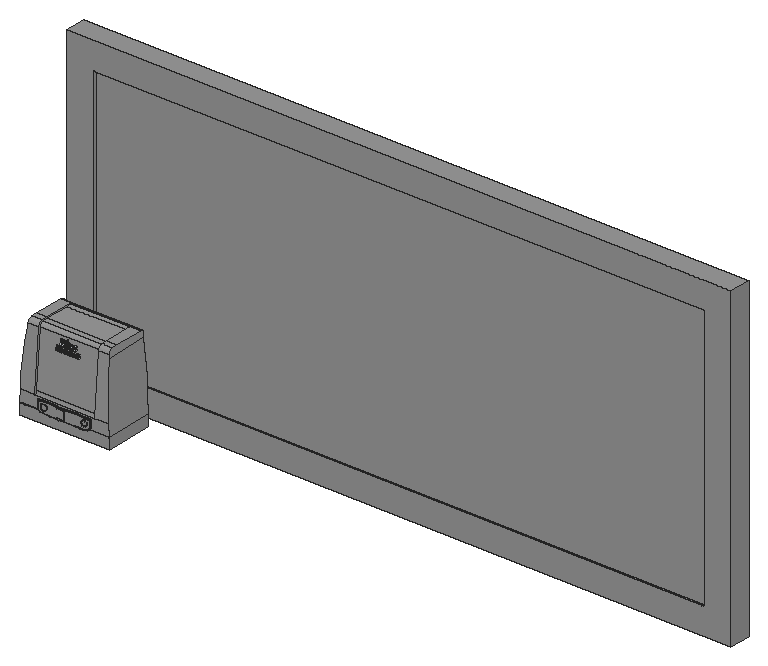
Revit family "Sliding_Gate_Automation_Residential_Ditec_Neos_plus_1000", category Electrical Fixtures, Revit 2014
Parameters
  Youtube clip = ""
  Weight Net (Kg) = 0
  Uniclass 2015 Name = ""
  Uniclass 2015 Code = ""
  Uniclass 2.0 Description = ""
  Uniclass 2.0 Code = ""
  Uniclass 1.4 Description = ""
  Uniclass 1.4 Code = ""
  UNSPSC Code = ""
  Torque/Thrust = "1000 N"
  Technical description = ""
  Stroke control = "limit switch + virtual encoder"
  Release for manual opening = "key-operated"
  Region South America = "All"
  Region Oceania = "All"
  Region North America = "All"
  Region Middle East = "All"
  Region Europe = "All"
  Region Asia = "All"
  Region Antarctica = "All"
  Region Africa = "All"
  QR code = "http://bimobject.com/ditec/product/dit-neos"
  Protection rating = "IP 24D"
  Product group = "Sliding Gates"
  Product family = "Gate Automation & Barriers"
  Product dimensions (mm) = "335x220x325"
  Product data url = "http://bimobject.com/ditec/product/dit-neos"
  Product certification = ""
  Product SKU = "dit-neos"
  Product Guid = "4d1a2df7-523c-4302-893f-15eee6c94ea3"
  Power supply = "230 V AC, 50/60 Hz"
  Power input = "2A"
  Operating temperature = "-20°C / +55°C (-35°C / +55°C with NIO enabled)"
  Opening speed = "0.1 - 0.19 m/s"
  OmniClass Description = ""
  OmniClass Code = ""
  Nominal width = 335
  Nominal height = 325
  NBS Reference Description = ""
  NBS Reference Code = ""
  Maximum opening = "20m"
  Maximum capacity = "1000 kg"
  Material secondary = "Plastic"
  Material main = "Steel"
  Manufacturer name = "Ditec"
  Manufacturer country = "China"
  Intermittent operation = "S2 = 30 min, S3 = 50%"
  Installation instructions = "http://ftp.ditec.it/manuali/Manuali_Quarto/NEOS_IP2160EN.pdf"
  IFC Classification = ""
  Gate Visibility = yes
  Gate Length = 2500 mm
  Gate Height = 1200 mm
  Electromechanical actuator = "for sliding gates up to\r\n1000 kg"
  Edition number = 1
  EAN code = ""
  Duty class = "4 - intensive"
  Design country = "Italy"
  Description = "NeoS+ 1000  (also available: 300/400/600)"
  Date of publishing = ""
  Control panel = "CS12M (built-in)"
  Closing speed = "0.1 - 0.19 m/s"
  COBIe Type Category = ""
  BIMobject category = ""
Reference planes
  plane 1 "Center (Front/Back)": y = 0
  plane 2: z = 0
  plane 3 "Center (Left/Right)": x = 0
  plane 4: x = 335
  plane 5: x = 55
  plane 6: x = 280
  plane 7: x = 167.5
  plane 8: x = 2500
  plane 9: y = 39.5
  plane 10: z = 1200
  plane 11: y = 49.5
  plane 12: y = 109.5
  plane 13: z = 1100
  plane 14: z = 100
Forms (mm)
  Sweep 1, solid, material "Neos+_plastic_light_grey"
    path origin (0, 0, 0) x (1, 0, 0) y (0, 1, 0)
      loop
        line (0, 0) -> (335, 0)
    profile "Neos_lower_base_profile : Neos_lower_base_profile" origin (167.5, 0, 0) x (0, 1, 0) y (0, 0, 1)
      loop
        line (0, 0) -> (0, 41.022) -> (-2, 41.022) -> (-2, 43.022) -> (-178, 43.022) -> (-178, 41.022) -> (-180, 41.022) -> (-180, 0) -> (0, 0)
  Sweep 2, solid, material "Neos+_plastic_dark_grey"
    path origin (0, 0, 0) x (1, 0, 0) y (0, 1, 0)
      loop
        line (0, 0) -> (335, 0)
    profile "Neos_body_profile : Neos_body_profile" origin (167.5, 0, 0) x (0, 1, 0) y (0, 0, 1)
      loop
        line (-180, 43.022) -> (0, 43.022)
        arc (0, 43.022) -> (-1.891, 180.664) -> (-4.936, 318.285) r 16411.02
        arc (-4.936, 318.285) -> (-5.694, 320.19) -> (-7.505, 321.152) r 2.973
        arc (-7.505, 321.152) -> (-65.967, 326.088) -> (-124.626, 325.005) r 571.537
        line (-124.626, 325.005) -> (-144.577, 323.609)
        arc (-144.577, 323.609) -> (-155.557, 317.949) -> (-161.239, 306.98) r 20.35
        arc (-161.239, 306.98) -> (-175.301, 197.034) -> (-180, 86.292) r 1307.39
        line (-180, 86.292) -> (-180, 43.022)
  Sweep 3, void
    path origin (0, 0, 0) x (1, 0, 0) y (0, 1, 0)
      loop
        line (55, 0) -> (280, 0)
    profile "Neos_body_profile_01 : Neos_body_profile_01" origin (167.5, 0, 0) x (0, 1, 0) y (0, 0, 1)
      loop
        arc (-175.914, 101.28) -> (-170.659, 204.16) -> (-157.297, 306.305) r 1303.39
        arc (-157.297, 306.305) -> (-152.796, 315.052) -> (-144.092, 319.634) r 16.35
        line (-144.092, 319.634) -> (-124.347, 321.014)
        arc (-124.347, 321.014) -> (-77.71, 322.353) -> (-31.121, 319.857) r 567.537
        arc (-31.121, 319.857) -> (-22.869, 320.035) -> (-14.88, 322.109) r 35.587
        line (-14.88, 322.109) -> (-14.88, 355.243) -> (-219.999, 355.243) -> (-219.999, 85.243) -> (-179.999, 85.243)
        arc (-179.999, 85.243) -> (-176.998, 93.017) -> (-175.914, 101.28) r 35.102
  Sweep 4, void
    path origin (0, 0, 0) x (1, 0, 0) y (0, 1, 0)
      loop
        line (0, -180) -> (0, 0)
    profile origin (0, -90, 0) x (-1, 0, 0) y (0, 0, 1)
      loop
        line (0, 43.022) -> (-2, 43.022) -> (-2, 41.022) -> (41.934, 41.022) -> (41.934, 356.409) -> (-142.456, 356.409) -> (-142.456, 330.231) -> (-17.16, 330.231) -> (-13.443, 295.434)
        arc (-13.443, 295.434) -> (-3.363, 169.407) -> (0, 43.022) r 2376.471
      loop
        line (-192.544, 330.231) -> (-192.544, 356.409) -> (-376.934, 356.409) -> (-376.934, 41.022) -> (-333, 41.022) -> (-333, 43.022) -> (-335, 43.022)
        arc (-335, 43.022) -> (-331.637, 169.407) -> (-321.557, 295.434) r 2376.471
        line (-321.557, 295.434) -> (-317.84, 330.231) -> (-192.544, 330.231)
  Sweep 5, void
    path origin (0, 0, 0) x (1, 0, 0) y (0, 0, 1)
      loop
        line (25, 252.929) -> (0, 252.929)
    profile origin (12.5, 0, 252.929) x (0, 0, -1) y (0, -1, 0)
      loop
        circle (0, 30.243) r 15.743
  Sweep 6, solid, material "Neos+_plastic_light_grey", detail levels fine
    path origin (0, 0, 0) x (0, 1, 0) y (0, 0, 1)
      loop
        line (-182.542, 36.394) -> (-177.542, 36.394)
    profile origin (0, -180.042, 36.394) x (0, 0, 1) y (1, 0, 0)
      loop
        line (0.227, 140.07) -> (1.349, 112.411) -> (2.592, 96.002) -> (4.54, 79.654)
        arc (4.54, 79.654) -> (7.584, 73.803) -> (13.628, 71.165) r 9.894
        line (13.628, 71.165) -> (32.642, 69.798)
        arc (32.642, 69.798) -> (37.915, 71.709) -> (40.015, 76.909) r 6.884
        line (40.015, 76.909) -> (39.095, 108.434) -> (38.554, 140.094)
        arc (38.554, 140.094) -> (38.258, 140.795) -> (37.554, 141.084) r 1
        line (37.554, 141.084) -> (35.305, 141.084)
        arc (35.305, 141.084) -> (34.598, 141.378) -> (34.305, 142.086) r 1.001
        line (34.305, 142.086) -> (34.305, 165.67)
        arc (34.305, 165.67) -> (34.009, 166.387) -> (33.292, 166.684) r 1.014
        line (33.292, 166.684) -> (5.305, 166.684)
        arc (5.305, 166.684) -> (4.598, 166.391) -> (4.305, 165.684) r 1
        line (4.305, 165.684) -> (4.305, 142.09)
        arc (4.305, 142.09) -> (4.013, 141.381) -> (3.305, 141.088) r 1.001
        line (3.305, 141.088) -> (1.209, 141.088)
        arc (1.209, 141.088) -> (0.507, 140.783) -> (0.227, 140.07) r 1
      loop
        line (0.991, 143.108) -> (1.991, 143.108)
        arc (1.991, 143.108) -> (2.627, 143.266) -> (2.99, 143.813) r 0.907
        line (2.99, 143.813) -> (2.946, 145.378) -> (2.861, 157.717) -> (2.925, 167.836)
        arc (2.925, 167.836) -> (3.222, 168.535) -> (3.925, 168.824) r 0.999
        line (3.925, 168.824) -> (34.18, 168.824)
        arc (34.18, 168.824) -> (34.863, 168.542) -> (35.148, 167.861) r 0.968
        line (35.148, 167.861) -> (35.205, 157.726) -> (35.31, 146.966) -> (35.303, 143.761)
        arc (35.303, 143.761) -> (35.68, 143.242) -> (36.307, 143.103) r 0.904
        line (36.307, 143.103) -> (37.307, 143.103)
        arc (37.307, 143.103) -> (37.939, 143.253) -> (38.297, 143.796) r 0.883
        line (38.297, 143.796) -> (38.307, 146.577) -> (38.145, 168.408) -> (38.252, 190.784) -> (38.554, 213.16) -> (39.052, 235.555) -> (39.745, 257.913)
        arc (39.745, 257.913) -> (37.696, 262.984) -> (32.554, 264.848) r 6.713
        line (32.554, 264.848) -> (13.54, 263.48)
        arc (13.54, 263.48) -> (7.601, 260.888) -> (4.61, 255.139) r 9.723
        line (4.61, 255.139) -> (2.666, 238.834) -> (1.42, 222.396) -> (0.332, 195.926) -> (-0.066, 169.359) -> (-0.096, 168.405) -> (-0.096, 146.975) -> (-0.064, 145.741) -> (-0.01, 143.789)
        arc (-0.01, 143.789) -> (0.353, 143.247) -> (0.991, 143.108) r 0.873
      loop
        circle (21.858, 91.681) r 13
      loop
        circle (21.858, 91.681) r 11
      loop
        circle (31.384, 239.887) r 2.259
      loop
        circle (31.384, 246.968) r 2.259
      loop
        circle (26.697, 252.659) r 2.259
      loop
        circle (19.499, 253.909) r 2.259
      loop
        circle (13.518, 250.159) r 2.259
      loop
        circle (13.518, 236.725) r 2.259
      loop
        circle (19.511, 232.975) r 2.259
      loop
        circle (26.742, 234.225) r 2.259
      loop
        circle (11.117, 243.287) r 2.259
  Sweep 7, void
    path origin (0, 0, 0) x (1, 0, 0) y (0, 0, 1)
      loop
        line (108.434, 75.489) -> (76.909, 76.41)
        arc (76.909, 76.41) -> (71.709, 74.309) -> (69.798, 69.036) r 6.884
        line (69.798, 69.036) -> (71.165, 50.022)
        arc (71.165, 50.022) -> (73.803, 43.978) -> (79.654, 40.935) r 9.894
        line (79.654, 40.935) -> (96.002, 38.987) -> (112.411, 37.743) -> (140.07, 36.621) -> (145.741, 36.331) -> (146.975, 36.299) -> (168.405, 36.328) -> (169.359, 36.328) -> (195.926, 36.726) -> (222.396, 37.814) -> (238.834, 39.06) -> (255.139, 41.004)
        arc (255.139, 41.004) -> (260.888, 43.995) -> (263.48, 49.934) r 9.723
        line (263.48, 49.934) -> (264.848, 68.949)
        arc (264.848, 68.949) -> (262.984, 74.091) -> (257.913, 76.139) r 6.713
        line (257.913, 76.139) -> (235.555, 75.446) -> (213.16, 74.948) -> (190.784, 74.646) -> (168.408, 74.539) -> (146.577, 74.702) -> (140.095, 74.957) -> (108.434, 75.489)
    profile origin (124.265, 0, 75.223) x (0.016815, 0, 0.999859) y (0, -1, 0)
      loop
        line (2.136, 181.73) -> (2.136, 178.73) -> (5.136, 178.73) -> (5.136, 181.73) -> (2.136, 181.73)
  Sweep 8, solid, material "Neos+_plastic_light_grey", detail levels medium+fine
    path origin (0, 0, 0) x (1, 0, 0) y (0, 1, 0)
      loop
        line (55, 0) -> (280, 0)
    profile origin (167.5, 0, 0) x (0, 1, 0) y (0, 0, 1)
      loop
        line (0, 18.283) -> (39.5, 18.283) -> (39.5, 76.294) -> (0, 76.294) -> (0, 18.283)
  Sweep 9, solid, material "Gate_material_01", visible <- "Gate Visibility"
    path origin (0, 10, 0) x (1, 0, 0) y (0, 0, 1)
      loop
        line (0, 1200) -> (0, 0) -> (2500, 0) -> (2500, 1200) -> (0, 1200)
    profile origin (1250, 10, 1200) x (0, 0, 1) y (0, -1, 0)
      loop
        line (0, -29.5) -> (-100, -29.5) -> (-100, -109.5) -> (0, -109.5) -> (0, -29.5)
  Sweep 10, solid, material "Gate_material_02", visible <- "Gate Visibility"
    path origin (0, 10, 0) x (1, 0, 0) y (0, 0, 1)
      loop
        line (100, 1200) -> (2400, 1200)
    profile origin (1250, 10, 1200) x (0, 0, 1) y (0, -1, 0)
      loop
        line (-100, -99.5) -> (-100, -39.5) -> (-1100, -39.5) -> (-1100, -99.5) -> (-100, -99.5)
  Sweep 11, solid, material "Neos+_plastic_light_grey", detail levels coarse
    path origin (0, 0, 0) x (1, 0, 0) y (0, 1, 0)
      loop
        line (0, 0) -> (335, 0)
    profile origin (167.5, 0, 0) x (0, 1, 0) y (0, 0, 1)
      loop
        line (0, 0) -> (0, 328.022) -> (-180, 328.022) -> (-180, 0) -> (0, 0)
Cuts and joins
  Sweep 3, Sweep 4, Sweep 5, Sweep 7 cuts Sweep 2
  Sweep 7 cuts Sweep 1
Lines and regions (mm)
  Masking region 1
    outline origin (0, 0, 0) x (1, 0, 0) y (0, 1, 0)
      loop
        line (0, 0) -> (0, -180) -> (335, -180) -> (335, 0) -> (280, 0) -> (280, 29.5) -> (55, 29.5) -> (55, 0) -> (0, 0)
  Masking region 2, detail levels medium+fine
    outline origin (0, 0, 0) x (0, 1, 0) y (0, 0, 1)
      loop
        line (0, 0) -> (0, 18.283) -> (39.5, 18.283) -> (39.5, 76.294) -> (-0.351, 76.294)
        arc (-0.351, 76.294) -> (-2.197, 197.298) -> (-4.936, 318.285) r 16411.02
        arc (-4.936, 318.285) -> (-5.694, 320.19) -> (-7.505, 321.152) r 2.973
        arc (-7.505, 321.152) -> (-65.967, 326.088) -> (-124.626, 325.005) r 571.537
        line (-124.626, 325.005) -> (-144.577, 323.609)
        arc (-144.577, 323.609) -> (-155.734, 317.769) -> (-161.318, 306.482) r 20.35
        spline (-161.318, 306.482) -> (-164.638, 288.523) -> (-167.639, 270.507) -> (-170.322, 252.439) -> (-172.685, 234.325) -> (-174.727, 216.171) -> (-176.447, 197.982) -> (-177.846, 179.765) -> (-178.923, 161.525) -> (-179.676, 143.269) -> (-180.107, 125.001) -> (-180.215, 106.728) -> (-180, 88.456)
        line (-180, 88.456) -> (-180, 0) -> (0, 0)
  Masking region 3, detail levels coarse
    outline origin (0, 0, 0) x (0, 1, 0) y (0, 0, 1)
      loop
        line (-180, 0) -> (0, 0) -> (0, 328.022) -> (-180, 328.022) -> (-180, 0)
  Masking region 4, detail levels coarse
    outline origin (0, 0, 0) x (1, 0, 0) y (0, 0, 1)
      loop
        line (335, 328.022) -> (0, 328.022) -> (0, 0) -> (335, 0) -> (335, 328.022)
  symbolic lines, detail levels fine
    curve 1: arc (0, -45.986, 252.929) -> (0, -30.243, 268.673) -> (0, -14.5, 252.929) r 15.743
    curve 2: arc (0, -14.5, 252.929) -> (0, -30.243, 237.186) -> (0, -45.986, 252.929) r 15.743
    curve 3: line (0, 0, 41.022) -> (0, -180, 41.022)
    curve 12: line (55, -167.957, 0) -> (55, -29.88, 0)
    curve 13: line (70, -14.88, 0) -> (265, -14.88, 0)
    curve 14: line (280, -29.88, 0) -> (280, -167.957, 0)
    curve 15: line (280, -167.957, 0) -> (55, -167.957, 0)
    curve 16: arc (55, -29.88, 0) -> (59.393, -19.273, 0) -> (70, -14.88, 0) r 15
    curve 17: arc (265, -14.88, 0) -> (275.607, -19.273, 0) -> (280, -29.88, 0) r 15
  symbolic lines, detail levels medium+fine
    curve 4: line (0, -180, 43.022) -> (0, 0, 43.022)
    curve 6: spline (16.234, -158.89, 0) -> (14.044, -162.249, 0) -> (12.011, -165.319, 0) -> (10.135, -168.1, 0) -> (8.416, -170.591, 0) -> (6.856, -172.791, 0) -> (5.454, -174.699, 0) -> (4.211, -176.316, 0) -> (3.127, -177.639, 0) -> (2.204, -178.67, 0) -> (1.44, -179.408, 0) -> (0.836, -179.852, 0) -> (0.393, -180.002, 0)
    curve 7: spline (0, 0, 0) -> (0.112, -0.237, 0) -> (0.449, -0.506, 0) -> (1.011, -0.807, 0) -> (1.797, -1.141, 0) -> (2.807, -1.507, 0) -> (4.042, -1.906, 0) -> (5.501, -2.336, 0) -> (7.184, -2.799, 0) -> (9.091, -3.294, 0) -> (11.221, -3.822, 0) -> (13.575, -4.381, 0) -> (16.152, -4.972, 0)
    curve 8: spline (16.152, -4.972, 0) -> (16.329, -17.73, 0) -> (16.475, -30.523, 0) -> (16.59, -43.343, 0) -> (16.674, -56.185, 0) -> (16.727, -69.041, 0) -> (16.749, -81.905, 0) -> (16.741, -94.771, 0) -> (16.701, -107.631, 0) -> (16.631, -120.48, 0) -> (16.529, -133.31, 0) -> (16.397, -146.116, 0) -> (16.234, -158.89, 0)
    curve 9: spline (318.766, -158.89, 0) -> (320.956, -162.249, 0) -> (322.989, -165.319, 0) -> (324.865, -168.1, 0) -> (326.584, -170.591, 0) -> (328.144, -172.791, 0) -> (329.546, -174.699, 0) -> (330.789, -176.316, 0) -> (331.873, -177.639, 0) -> (332.796, -178.67, 0) -> (333.56, -179.408, 0) -> (334.164, -179.852, 0) -> (334.607, -180.002, 0)
    curve 10: spline (335, 0, 0) -> (334.888, -0.237, 0) -> (334.551, -0.506, 0) -> (333.989, -0.807, 0) -> (333.203, -1.141, 0) -> (332.193, -1.507, 0) -> (330.958, -1.906, 0) -> (329.499, -2.336, 0) -> (327.816, -2.799, 0) -> (325.909, -3.294, 0) -> (323.779, -3.822, 0) -> (321.425, -4.381, 0) -> (318.848, -4.972, 0)
    curve 11: spline (318.848, -4.972, 0) -> (318.671, -17.73, 0) -> (318.525, -30.523, 0) -> (318.41, -43.343, 0) -> (318.326, -56.185, 0) -> (318.273, -69.041, 0) -> (318.251, -81.905, 0) -> (318.259, -94.771, 0) -> (318.299, -107.631, 0) -> (318.369, -120.48, 0) -> (318.471, -133.31, 0) -> (318.603, -146.116, 0) -> (318.766, -158.89, 0)
    curve 21: line (55, 0, 0) -> (280, 0, 0)
  symbolic lines
    curve 5: line (0, 0, 76.294) -> (0, 0, 18.283)
  symbolic lines, style "ElectricalFixtures", detail levels fine
    curve 18: spline (9.305, -45.979, 0) -> (8.941, -45.495, 0) -> (8.601, -43.951, 0) -> (8.308, -41.456, 0) -> (8.083, -38.181, 0) -> (7.942, -34.355, 0) -> (7.893, -30.243, 0) -> (7.942, -26.131, 0) -> (8.083, -22.305, 0) -> (8.308, -19.031, 0) -> (8.601, -16.535, 0) -> (8.941, -14.991, 0) -> (9.305, -14.508, 0)
    curve 19: spline (9.305, -14.508, 0) -> (9.662, -15.069, 0) -> (9.995, -16.655, 0) -> (10.281, -19.158, 0) -> (10.5, -22.409, 0) -> (10.637, -26.189, 0) -> (10.684, -30.243, 0) -> (10.637, -34.297, 0) -> (10.5, -38.077, 0) -> (10.281, -41.328, 0) -> (9.995, -43.831, 0) -> (9.662, -45.417, 0) -> (9.305, -45.979, 0)
  symbolic lines, style "ElectricalFixtures", detail levels medium+fine
    curve 20: line (16.152, -4.972, 0) -> (318.848, -4.972, 0)
Dimensions and locks
  locked: plane 3 "Center (Left/Right)" to plane 4 at 335
  equal spacing: plane 6, plane 7, plane 5, locked at 112.5 each
  "Gate Length": plane 3 "Center (Left/Right)" to plane 8
  "Gate Height": plane 10 to level
  locked: plane 10 to plane 13 at 100
  locked: plane 14 to plane 2 at 100
  aligned and locked: level to plane 2
  aligned and locked: plane 3 "Center (Left/Right)" to Sweep 2 sketch curve
  aligned and locked: plane 1 "Center (Front/Back)" to Sweep 2 sketch curve
  aligned and locked: plane 4 to Sweep 2 sketch curve
  aligned and locked: plane 3 "Center (Left/Right)" to Sweep 1 sketch curve
  aligned and locked: plane 4 to Sweep 1 sketch curve
  aligned and locked: plane 1 "Center (Front/Back)" to Sweep 1 sketch curve
  aligned and locked: plane 6 to Sweep 3 sketch curve
  aligned and locked: plane 5 to Sweep 3 sketch curve
  aligned and locked: plane 1 "Center (Front/Back)" to Sweep 3 sketch curve
  aligned and locked: plane 1 "Center (Front/Back)" to Sweep 4 sketch curve
  aligned and locked: plane 3 "Center (Left/Right)" to Sweep 4 sketch curve
  aligned and locked: plane 3 "Center (Left/Right)" to Sweep 5 sketch curve
  aligned and locked: nested 1 to plane 7
  aligned and locked: plane 5 to Sweep 8 sketch curve
  aligned and locked: plane 6 to Sweep 8 sketch curve
  aligned and locked: plane 1 "Center (Front/Back)" to Sweep 8 sketch curve
  aligned and locked: plane 3 "Center (Left/Right)" to nested 2
  aligned and locked: nested 2 to level
  aligned and locked: plane 11 to Sweep 10 sketch curve
  aligned and locked: Sweep 10 sketch curve to plane 12
  aligned and locked: plane 14 to Sweep 10 sketch curve
  aligned and locked: Sweep 10 sketch curve to plane 13
Automatic sketch dimensions
  curve 1 to curve 2 = 0 mm  (x2)
  curve 3 to plane 1 "Center (Front/Back)" = 0 mm
  plane 1 "Center (Front/Back)" to curve 2 = 30.243 mm
  plane 14 to curve 2 = 152.929 mm
  plane 1 "Center (Front/Back)" to curve 2 = 14.5 mm
  level to curve 3 = 41.022 mm
  plane 1 "Center (Front/Back)" to curve 3 = 180 mm
  curve 4 to curve 3 = 0 mm
  curve 5 to plane 14 = 23.706 mm
  curve 3 to curve 4 = 2 mm
  level to curve 5 = 18.283 mm
  plane 1 "Center (Front/Back)" to curve 21 = 0 mm
  curve 21 to plane 5 = 0 mm
  curve 12 to plane 5 = 0 mm
  curve 17 to plane 6 = 0 mm
  curve 21 to plane 6 = 0 mm
  plane 1 "Center (Front/Back)" to curve 20 = 4.972 mm
  plane 3 "Center (Left/Right)" to curve 20 = 16.152 mm
  curve 12 to curve 16 = 15 mm
  curve 17 to plane 6 = 15 mm
  plane 4 to curve 20 = 16.152 mm
  plane 1 "Center (Front/Back)" to curve 13 = 14.88 mm
  curve 15 to curve 17 = 138.077 mm
  plane 3 "Center (Left/Right)" to curve 6 = 16.234 mm
  plane 3 "Center (Left/Right)" to curve 18 = 9.305 mm
  plane 3 "Center (Left/Right)" to curve 19 = 9.305 mm
  plane 3 "Center (Left/Right)" to curve 19 = 9.294 mm
  curve 18 to curve 19 = 0.011 mm
  plane 3 "Center (Left/Right)" to curve 6 = 0.393 mm
  curve 6 to curve 6 = 0.17 mm
  plane 3 "Center (Left/Right)" to curve 7 = 0.002 mm
  curve 7 to plane 1 "Center (Front/Back)" = 0 mm
  curve 8 to plane 3 "Center (Left/Right)" = 43.614 mm
  curve 9 to plane 3 "Center (Left/Right)" = 218.786 mm
  plane 1 "Center (Front/Back)" to curve 10 = 336.426 mm
  curve 10 to curve 8 = 1950.346 mm
  plane 4 to curve 9 = 16.234 mm
  plane 4 to curve 9 = 0.393 mm
  curve 9 to curve 9 = 0.17 mm
  curve 10 to plane 1 "Center (Front/Back)" = 0.031 mm
  curve 11 to plane 4 = 43.614 mm
  curve 6 to plane 4 = 218.786 mm
  curve 7 to plane 8 = 171.04 mm
  curve 19 to curve 20 = 9.535 mm
  curve 19 to curve 19 = 0 mm
  curve 19 to curve 18 = 15.736 mm
  curve 18 to curve 18 = 0.002 mm
  curve 8 to curve 18 = 38.777 mm
  plane 1 "Center (Front/Back)" to curve 11 = 84.757 mm
  curve 12 to curve 8 = 9.066 mm
  curve 14 to curve 11 = 9.066 mm
  curve 6 to curve 6 = 21.073 mm
  curve 9 to curve 9 = 21.073 mm
  plane 1 "Center (Front/Back)" to curve 7 = 336.426 mm
  curve 10 to plane 1 "Center (Front/Back)" = 0 mm
  plane 1 "Center (Front/Back)" to Sweep 4 sketch curve = 180 mm
  Sweep 4 sketch curve to profile plane = 0 mm
  profile plane to Sweep 4 sketch curve = 2 mm
  profile plane to Sweep 4 sketch curve = 13.443 mm
  profile plane to Sweep 4 sketch curve = 17.16 mm
  Sweep 4 sketch curve to Sweep 4 sketch curve = 125.297 mm  (x2)
  Sweep 4 sketch curve to Sweep 4 sketch curve = 50.088 mm
  Sweep 4 sketch curve to Sweep 4 sketch curve = 3.717 mm
  level to Sweep 4 sketch curve = 43.022 mm  (x2)
  Sweep 4 sketch curve to Sweep 4 sketch curve = 11.443 mm
  Sweep 4 sketch curve to Sweep 4 sketch curve = 2 mm  (x2)
  Sweep 4 sketch curve to Sweep 4 sketch curve = 41.934 mm
  Sweep 4 sketch curve to Sweep 4 sketch curve = 1999.537 mm  (x2)
  Sweep 4 sketch curve to profile plane = 41.934 mm
  level to Sweep 4 sketch curve = 41.022 mm
  Sweep 4 sketch curve to Sweep 4 sketch curve = 34.797 mm  (x2)
  Sweep 4 sketch curve to Sweep 4 sketch curve = 26.178 mm  (x2)
  plane 14 to Sweep 5 sketch curve = 152.929 mm
  plane 3 "Center (Left/Right)" to Sweep 5 sketch curve = 25 mm
  Sweep 5 sketch curve to profile plane = 0 mm
  plane 1 "Center (Front/Back)" to Sweep 5 sketch curve = 30.243 mm
  level to Sweep 6 sketch curve = 36.394 mm
  plane 1 "Center (Front/Back)" to Sweep 6 sketch curve = 182.542 mm
  Sweep 6 sketch curve to Sweep 6 sketch curve = 5 mm
  Sweep 6 sketch curve to Sweep 6 sketch curve = 0 mm  (x9)
  profile plane to Sweep 6 sketch curve = 0.096 mm
  profile plane to Sweep 6 sketch curve = 0.066 mm
  profile plane to Sweep 6 sketch curve = 0.064 mm
  profile plane to Sweep 6 sketch curve = 0.01 mm
  Sweep 6 sketch curve to profile plane = 0.227 mm
  Sweep 6 sketch curve to profile plane = 0.332 mm
  Sweep 6 sketch curve to profile plane = 0.845 mm
  Sweep 6 sketch curve to Sweep 6 sketch curve = 0.145 mm
  Sweep 6 sketch curve to profile plane = 1.209 mm
  Sweep 6 sketch curve to Sweep 6 sketch curve = 1 mm  (x7)
  Sweep 6 sketch curve to profile plane = 1.349 mm
  Sweep 6 sketch curve to profile plane = 1.42 mm
  Sweep 6 sketch curve to Sweep 6 sketch curve = 0.114 mm
  Sweep 6 sketch curve to profile plane = 2.592 mm
  Sweep 6 sketch curve to profile plane = 2.666 mm
  Sweep 6 sketch curve to profile plane = 2.861 mm
  Sweep 6 sketch curve to profile plane = 2.925 mm
  Sweep 6 sketch curve to Sweep 6 sketch curve = 0.842 mm
  Sweep 6 sketch curve to Sweep 6 sketch curve = 0.886 mm
  Sweep 6 sketch curve to Sweep 6 sketch curve = 2.095 mm
  Sweep 6 sketch curve to Sweep 6 sketch curve = 0.999 mm
  Sweep 6 sketch curve to Sweep 6 sketch curve = 0.381 mm
  Sweep 6 sketch curve to profile plane = 4.54 mm
  Sweep 6 sketch curve to profile plane = 4.61 mm
  Sweep 6 sketch curve to Sweep 6 sketch curve = 8.451 mm
  Sweep 6 sketch curve to Sweep 6 sketch curve = 2.4 mm  (x2)
  Sweep 6 sketch curve to Sweep 6 sketch curve = 8.93 mm
  Sweep 6 sketch curve to Sweep 6 sketch curve = 9.087 mm
  Sweep 6 sketch curve to Sweep 6 sketch curve = 0.72 mm
  Sweep 6 sketch curve to Sweep 6 sketch curve = 9.797 mm
  Sweep 6 sketch curve to Sweep 6 sketch curve = 5.261 mm
  Sweep 6 sketch curve to Sweep 6 sketch curve = 5.993 mm
  Sweep 6 sketch curve to Sweep 6 sketch curve = 7.52 mm
  Sweep 6 sketch curve to Sweep 6 sketch curve = 7.198 mm
  Sweep 6 sketch curve to Sweep 6 sketch curve = 7.231 mm
  Sweep 6 sketch curve to Sweep 6 sketch curve = 4.687 mm
  Sweep 6 sketch curve to Sweep 6 sketch curve = 5.857 mm
  Sweep 6 sketch curve to Sweep 6 sketch curve = 19.014 mm
  Sweep 6 sketch curve to Sweep 6 sketch curve = 0.482 mm
  Sweep 6 sketch curve to Sweep 6 sketch curve = 0.494 mm
  Sweep 6 sketch curve to Sweep 6 sketch curve = 27.987 mm
  Sweep 6 sketch curve to Sweep 6 sketch curve = 0.888 mm
  Sweep 6 sketch curve to Sweep 6 sketch curve = 1.014 mm
  Sweep 6 sketch curve to Sweep 6 sketch curve = 0.968 mm  (x2)
  Sweep 6 sketch curve to Sweep 6 sketch curve = 0.9 mm
  Sweep 6 sketch curve to Sweep 6 sketch curve = 0.997 mm
  Sweep 6 sketch curve to Sweep 6 sketch curve = 0.001 mm  (x2)
  Sweep 6 sketch curve to Sweep 6 sketch curve = 0.007 mm
  Sweep 6 sketch curve to Sweep 6 sketch curve = 0.873 mm
  Sweep 6 sketch curve to Sweep 6 sketch curve = 0.131 mm
  Sweep 6 sketch curve to Sweep 6 sketch curve = 0.126 mm
  Sweep 6 sketch curve to Sweep 6 sketch curve = 2.249 mm
  Sweep 6 sketch curve to Sweep 6 sketch curve = 2.997 mm
  Sweep 6 sketch curve to Sweep 6 sketch curve = 4.072 mm
  Sweep 6 sketch curve to Sweep 6 sketch curve = 0.864 mm
  Sweep 6 sketch curve to Sweep 6 sketch curve = 0.874 mm
  Sweep 6 sketch curve to Sweep 6 sketch curve = 0.302 mm
  Sweep 6 sketch curve to Sweep 6 sketch curve = 7.668 mm
  Sweep 6 sketch curve to Sweep 6 sketch curve = 17.237 mm
  Sweep 6 sketch curve to Sweep 6 sketch curve = 6.709 mm
  Sweep 6 sketch curve to Sweep 6 sketch curve = 6.88 mm
  plane 3 "Center (Left/Right)" to Sweep 6 sketch curve = 69.798 mm
  Sweep 6 sketch curve to Sweep 6 sketch curve = 1.368 mm
  Sweep 6 sketch curve to Sweep 6 sketch curve = 6.866 mm
  Sweep 6 sketch curve to Sweep 6 sketch curve = 8.488 mm
  Sweep 6 sketch curve to Sweep 6 sketch curve = 10.648 mm
  Sweep 6 sketch curve to Sweep 6 sketch curve = 16.349 mm
  Sweep 6 sketch curve to Sweep 6 sketch curve = 16.753 mm
  Sweep 6 sketch curve to Sweep 6 sketch curve = 16.409 mm
  Sweep 6 sketch curve to Sweep 6 sketch curve = 27.659 mm
  Sweep 6 sketch curve to Sweep 6 sketch curve = 31.65 mm
  Sweep 6 sketch curve to Sweep 6 sketch curve = 0.018 mm
  Sweep 6 sketch curve to Sweep 6 sketch curve = 1.001 mm
  Sweep 6 sketch curve to Sweep 6 sketch curve = 2.019 mm
  Sweep 6 sketch curve to Sweep 6 sketch curve = 1.019 mm
  Sweep 6 sketch curve to Sweep 6 sketch curve = 0.658 mm
  Sweep 6 sketch curve to Sweep 6 sketch curve = 0.681 mm
  Sweep 6 sketch curve to Sweep 6 sketch curve = 0.693 mm
  Sweep 6 sketch curve to Sweep 6 sketch curve = 0.705 mm
  Sweep 6 sketch curve to Sweep 6 sketch curve = 1.565 mm
  Sweep 6 sketch curve to Sweep 6 sketch curve = 1.953 mm
  Sweep 6 sketch curve to Sweep 6 sketch curve = 2.6 mm
  Sweep 6 sketch curve to Sweep 6 sketch curve = 0.39 mm
  Sweep 6 sketch curve to Sweep 6 sketch curve = 1.234 mm
  Sweep 6 sketch curve to Sweep 6 sketch curve = 10.742 mm
  Sweep 6 sketch curve to Sweep 6 sketch curve = 10.759 mm
  Sweep 6 sketch curve to Sweep 6 sketch curve = 7.945 mm
  Sweep 6 sketch curve to Sweep 6 sketch curve = 1.141 mm
  Sweep 6 sketch curve to Sweep 6 sketch curve = 0.011 mm
  Sweep 6 sketch curve to Sweep 6 sketch curve = 0.547 mm
  Sweep 6 sketch curve to Sweep 6 sketch curve = 1.523 mm
  Sweep 6 sketch curve to Sweep 6 sketch curve = 21.96 mm
  Sweep 6 sketch curve to Sweep 6 sketch curve = 26.567 mm
  Sweep 6 sketch curve to Sweep 6 sketch curve = 22.376 mm
  Sweep 6 sketch curve to Sweep 6 sketch curve = 26.47 mm
  Sweep 6 sketch curve to Sweep 6 sketch curve = 10.579 mm
  Sweep 6 sketch curve to Sweep 6 sketch curve = 1.25 mm
  Sweep 6 sketch curve to Sweep 6 sketch curve = 1.33 mm
  Sweep 6 sketch curve to Sweep 6 sketch curve = 3.75 mm
  Sweep 6 sketch curve to Sweep 6 sketch curve = 2.109 mm
  Sweep 6 sketch curve to Sweep 6 sketch curve = 5.662 mm
  Sweep 6 sketch curve to Sweep 6 sketch curve = 6.562 mm
  Sweep 6 sketch curve to Sweep 6 sketch curve = 7.081 mm
  Sweep 6 sketch curve to Sweep 6 sketch curve = 6.872 mm
  Sweep 6 sketch curve to Sweep 6 sketch curve = 5.691 mm
  Sweep 6 sketch curve to Sweep 6 sketch curve = 3.623 mm
  Sweep 6 sketch curve to Sweep 6 sketch curve = 0.127 mm
  Sweep 6 sketch curve to Sweep 6 sketch curve = 1.356 mm
  Sweep 6 sketch curve to Sweep 6 sketch curve = 10.945 mm
  Sweep 6 sketch curve to Sweep 6 sketch curve = 0.239 mm
  Sweep 6 sketch curve to Sweep 6 sketch curve = 0.008 mm
  Sweep 6 sketch curve to Sweep 6 sketch curve = 0.954 mm
  plane 5 to Sweep 7 sketch curve = 14.798 mm
  plane 5 to Sweep 7 sketch curve = 16.165 mm
  Sweep 7 sketch curve to Sweep 7 sketch curve = 6.866 mm
  Sweep 7 sketch curve to Sweep 7 sketch curve = 0.245 mm
  Sweep 7 sketch curve to Sweep 7 sketch curve = 8.488 mm
  Sweep 7 sketch curve to Sweep 7 sketch curve = 9.868 mm
  Sweep 7 sketch curve to Sweep 7 sketch curve = 16.349 mm
  Sweep 7 sketch curve to plane 14 = 24.511 mm
  Sweep 7 sketch curve to Sweep 7 sketch curve = 31.525 mm
  Sweep 7 sketch curve to Sweep 7 sketch curve = 16.409 mm
  Sweep 7 sketch curve to plane 7 = 27.43 mm
  Sweep 7 sketch curve to plane 7 = 27.405 mm
  Sweep 7 sketch curve to Sweep 7 sketch curve = 5.671 mm
  Sweep 7 sketch curve to Sweep 7 sketch curve = 6.482 mm
  Sweep 7 sketch curve to Sweep 7 sketch curve = 1.234 mm
  plane 7 to Sweep 7 sketch curve = 0.908 mm
  plane 7 to Sweep 7 sketch curve = 1.859 mm
  Sweep 7 sketch curve to Sweep 7 sketch curve = 22.376 mm  (x2)
  Sweep 7 sketch curve to Sweep 7 sketch curve = 26.567 mm
  Sweep 7 sketch curve to Sweep 7 sketch curve = 26.47 mm
  Sweep 7 sketch curve to Sweep 7 sketch curve = 22.395 mm
  Sweep 7 sketch curve to Sweep 7 sketch curve = 16.438 mm
  Sweep 7 sketch curve to Sweep 7 sketch curve = 14.949 mm
  Sweep 7 sketch curve to Sweep 7 sketch curve = 1.356 mm
  Sweep 7 sketch curve to plane 6 = 22.087 mm
  Sweep 7 sketch curve to Sweep 7 sketch curve = 0.239 mm
  Sweep 7 sketch curve to Sweep 7 sketch curve = 9.698 mm
  Sweep 7 sketch curve to Sweep 7 sketch curve = 6.696 mm
  Sweep 7 sketch curve to plane 14 = 24.554 mm
  Sweep 7 sketch curve to plane 14 = 25.043 mm
  Sweep 7 sketch curve to Sweep 7 sketch curve = 0.498 mm
  Sweep 7 sketch curve to Sweep 7 sketch curve = 0.255 mm
  Sweep 7 sketch curve to Sweep 7 sketch curve = 0.302 mm
  Sweep 7 sketch curve to Sweep 7 sketch curve = 0.162 mm
  Sweep 7 sketch curve to plane 14 = 30.47 mm
  Sweep 7 sketch curve to Sweep 7 sketch curve = 6.016 mm
  Sweep 7 sketch curve to Sweep 7 sketch curve = 0.494 mm
  Sweep 7 sketch curve to Sweep 7 sketch curve = 0.482 mm
  Sweep 7 sketch curve to Sweep 7 sketch curve = 18.798 mm  (x2)
  Sweep 7 sketch curve to Sweep 7 sketch curve = 0.71 mm
  Sweep 7 sketch curve to Sweep 7 sketch curve = 0.698 mm
  Sweep 7 sketch curve to Sweep 7 sketch curve = 1.944 mm
  Sweep 7 sketch curve to Sweep 7 sketch curve = 1.948 mm
  Sweep 7 sketch curve to Sweep 7 sketch curve = 1.246 mm
  Sweep 7 sketch curve to Sweep 7 sketch curve = 1.243 mm
  Sweep 7 sketch curve to Sweep 7 sketch curve = 1.088 mm
  Sweep 7 sketch curve to Sweep 7 sketch curve = 1.122 mm
  Sweep 7 sketch curve to Sweep 7 sketch curve = 0.291 mm
  Sweep 7 sketch curve to Sweep 7 sketch curve = 0.003 mm
  Sweep 7 sketch curve to Sweep 7 sketch curve = 0.032 mm
  plane 7 to Sweep 7 sketch curve = 0.905 mm
  Sweep 7 sketch curve to Sweep 7 sketch curve = 0 mm
  Sweep 7 sketch curve to profile plane = 2.136 mm
  Sweep 7 sketch curve to Sweep 7 sketch curve = 3 mm  (x2)
  plane 1 "Center (Front/Back)" to Sweep 7 sketch curve = 178.73 mm
  Sweep 8 sketch curve to profile plane = 0 mm
  Sweep 8 sketch curve to profile plane = 39.5 mm
  level to Sweep 8 sketch curve = 18.283 mm
  Sweep 8 sketch curve to Sweep 8 sketch curve = 58.011 mm
  Masking region 1 sketch curve to plane 3 "Center (Left/Right)" = 0 mm
  Masking region 1 sketch curve to plane 5 = 0 mm
  plane 1 "Center (Front/Back)" to Masking region 1 sketch curve = 0 mm  (x2)
  Masking region 1 sketch curve to plane 6 = 0 mm
  Masking region 1 sketch curve to plane 4 = 0 mm
  plane 1 "Center (Front/Back)" to Masking region 1 sketch curve = 180 mm
  Masking region 1 sketch curve to plane 9 = 10 mm
  Masking region 2 sketch curve to level = 0 mm
  Masking region 2 sketch curve to plane 1 "Center (Front/Back)" = 0 mm
  Masking region 2 sketch curve to plane 9 = 0 mm
  plane 1 "Center (Front/Back)" to Masking region 2 sketch curve = 0.351 mm
  plane 1 "Center (Front/Back)" to Masking region 2 sketch curve = 7.907 mm
  plane 1 "Center (Front/Back)" to Masking region 2 sketch curve = 84.758 mm
  Masking region 2 sketch curve to Masking region 2 sketch curve = 116.719 mm
  Masking region 2 sketch curve to Masking region 2 sketch curve = 16.556 mm
  Masking region 2 sketch curve to Masking region 2 sketch curve = 19.951 mm
  Masking region 2 sketch curve to plane 14 = 11.544 mm
  plane 1 "Center (Front/Back)" to Masking region 2 sketch curve = 180 mm
  Masking region 2 sketch curve to level = 113.547 mm
  Masking region 2 sketch curve to Masking region 2 sketch curve = 16230.273 mm
  Masking region 2 sketch curve to level = 245.14 mm
  level to Masking region 2 sketch curve = 18.283 mm
  Masking region 2 sketch curve to plane 14 = 23.706 mm
  plane 14 to Masking region 2 sketch curve = 203.545 mm
  Masking region 2 sketch curve to Masking region 2 sketch curve = 14.661 mm
  Masking region 2 sketch curve to Masking region 2 sketch curve = 20.064 mm
  Masking region 2 sketch curve to Masking region 2 sketch curve = 1.395 mm
  Masking region 2 sketch curve to Masking region 2 sketch curve = 0 mm
  Masking region 2 sketch curve to Masking region 2 sketch curve = 20.137 mm
  plane 13 to Masking region 2 sketch curve = 29.178 mm
  plane 12 to Masking region 2 sketch curve = 684.273 mm
  Sweep 9 sketch curve to level = 0 mm
  Sweep 9 sketch curve to plane 3 "Center (Left/Right)" = 0 mm
  Sweep 9 sketch curve to plane 8 = 0 mm
  Sweep 9 sketch curve to plane 10 = 0 mm
  profile plane to Sweep 9 sketch curve = 0 mm
  profile plane to Sweep 9 sketch curve = 100 mm
  Sweep 9 sketch curve to profile plane = 109.5 mm
  Sweep 9 sketch curve to profile plane = 29.5 mm
  Sweep 10 sketch curve to plane 10 = 0 mm
  plane 5 to Sweep 10 sketch curve = 45 mm
  Sweep 10 sketch curve to plane 8 = 100 mm
  plane 1 "Center (Front/Back)" to Sweep 11 sketch curve = 0 mm
  Sweep 11 sketch curve to plane 3 "Center (Left/Right)" = 0 mm
  Sweep 11 sketch curve to plane 4 = 0 mm
  Sweep 11 sketch curve to level = 0 mm
  Sweep 11 sketch curve to profile plane = 0 mm
  profile plane to Sweep 11 sketch curve = 180 mm
  level to Sweep 11 sketch curve = 328.022 mm
  Masking region 3 sketch curve to level = 0 mm
  Masking region 3 sketch curve to plane 1 "Center (Front/Back)" = 0 mm
  plane 1 "Center (Front/Back)" to Masking region 3 sketch curve = 180 mm
  plane 14 to Masking region 3 sketch curve = 228.022 mm
  Masking region 4 sketch curve to plane 3 "Center (Left/Right)" = 0 mm
  Masking region 4 sketch curve to level = 0 mm
  plane 4 to Masking region 4 sketch curve = 0 mm
  plane 14 to Masking region 4 sketch curve = 228.022 mm
  radius of Sweep 5 sketch curve = 15.743 mm
  radius of Sweep 6 sketch curve = 13 mm
  radius of Sweep 6 sketch curve = 11 mm
  radius of Sweep 6 sketch curve = 2.259 mm  (x9)
Nested families
  nested 1: "Ditec_Logo" at (137.713, -159.185, 294.975) x (1, 0, 0) z (0, -0.9871, 0.1601), type "Ditec_Logo", detail levels fine
  nested 2: "Family1" at (0, 0, 0) x (1, 0, 0) z (0, -1, 0), type "Family1", detail levels medium+fine
Connectors
  electrical at (167.5, -90, 0)
    settings: on cut or joined group of Sweep 1, Sweep 7, index 1, voltage 230 V, apparent load 0 VA, apparent load phase1 0 VA, apparent load phase2 0 VA, apparent load phase3 0 VA, power factor 1, load classification "Other", number of poles 1, system type 30, power factor state 1, is connector primary yes, connector utility no, sub classification motor no, connector description ""
Definition of nested family "Ditec_Logo"
  Parameters (values of type "Ditec_Logo")
    Default Elevation = 1219.2 mm
  Reference planes
    plane 1 "Center (Front/Back)": y = 0
    plane 2: z = 0
    plane 3 "Center (Left/Right)": x = 0
    plane 4: x = 103.137
    plane 5: x = -43.563
    plane 6: y = -98.785
    plane 7: x = 29.787
  Forms (mm)
    Extrusion 1, solid
      sketch origin (0, 0, 0) x (1, 0, 0) y (0, 1, 0)
        loop
          line (-1219.2, 1219.2) -> (-1219.2, -1219.2) -> (1219.2, -1219.2) -> (1219.2, 1219.2) -> (-1219.2, 1219.2)
      from 0 to -304.8
    Extrusion 2, solid, material "Aluminum_Ditec_Logo"
      sketch origin (0, 0, 0) x (1, 0, 0) y (0, 1, 0)
        loop
          line (3.867, -3.239) -> (3.867, -15.521) -> (6.215, -15.521) -> (8.654, -15.296) -> (10.48, -14.414)
          arc (10.48, -14.414) -> (11.834, -12.136) -> (12.127, -9.501) r 6.272
          arc (12.127, -9.501) -> (11.839, -7.183) -> (10.831, -5.075) r 7.263
          arc (10.831, -5.075) -> (8.787, -3.606) -> (6.296, -3.239) r 5.325
          line (6.296, -3.239) -> (3.867, -3.239)
        loop
          line (0, -1.701) -> (0, -6.333) -> (0, -19.057) -> (6.701, -19.057)
          arc (6.701, -19.057) -> (16.229, -9.529) -> (6.701, 0) r 9.529
          line (6.701, 0) -> (1.665, 0)
          arc (1.665, 0) -> (0.453, -0.479) -> (0, -1.701) r 1.6
        loop
          line (18.284, -4.44) -> (25.242, 0.599) -> (24.1, 5.107) -> (18.284, -2.212) -> (18.284, -4.44)
        loop
          line (18.255, -5.56) -> (18.255, -19.057) -> (21.764, -19.057) -> (21.764, -5.56) -> (18.255, -5.56)
        loop
          line (28.272, -14.954) -> (28.164, -12.768) -> (28.164, -7.936) -> (31.052, -7.936) -> (31.052, -5.561) -> (28.164, -5.561) -> (28.164, -2.165) -> (24.975, -2.165) -> (24.975, -5.561) -> (23.113, -5.561) -> (23.113, -7.936) -> (24.975, -7.936) -> (24.975, -16.142)
          arc (24.975, -16.142) -> (25.205, -17.719) -> (26.325, -18.853) r 2.552
          line (26.325, -18.853) -> (27.408, -19.171) -> (28.704, -19.381) -> (30.136, -19.324) -> (31.052, -19.246) -> (31.052, -15.752)
          arc (31.052, -15.752) -> (29.424, -16.184) -> (28.272, -14.954) r 1.642
        loop
          line (35.749, -12.957) -> (45.521, -12.957) -> (45.105, -9.994) -> (43.766, -7.423)
          arc (43.766, -7.423) -> (41.55, -5.704) -> (38.799, -5.156) r 6.108
          arc (38.799, -5.156) -> (33.893, -7.192) -> (32.051, -12.174) r 6.639
          arc (32.051, -12.174) -> (34.042, -17.347) -> (39.177, -19.435) r 6.977
          line (39.177, -19.435) -> (41.78, -19.016) -> (43.739, -18.005) -> (44.805, -17.006) -> (45.332, -16.331) -> (42.443, -14.657)
          arc (42.443, -14.657) -> (41.102, -15.834) -> (39.366, -16.25) r 3.717
          arc (39.366, -16.25) -> (37.487, -15.811) -> (36.127, -14.441) r 3.495
          line (36.127, -14.441) -> (35.749, -12.957)
        loop
          arc (40.689, -8.719) -> (39.779, -8.146) -> (38.718, -7.963) r 2.764
          line (38.718, -7.963) -> (37.624, -8.15) -> (36.856, -8.583)
          arc (36.856, -8.583) -> (36.127, -9.426) -> (35.749, -10.473) r 3.059
          line (35.749, -10.473) -> (41.445, -10.473) -> (41.183, -9.412) -> (40.689, -8.719)
        loop
          arc (57.875, -14.295) -> (56.902, -14.169) -> (56.137, -14.784) r 1.25
          arc (56.137, -14.784) -> (55.101, -15.778) -> (53.7, -16.088) r 2.659
          arc (53.7, -16.088) -> (51.169, -14.939) -> (50.272, -12.309) r 3.502
          arc (50.272, -12.309) -> (51.125, -9.659) -> (53.619, -8.422) r 3.58
          arc (53.619, -8.422) -> (55.501, -9.176) -> (56.561, -10.905) r 3.225
          line (56.561, -10.905) -> (59.773, -9.313)
          arc (59.773, -9.313) -> (57.385, -6.263) -> (53.673, -5.156) r 6.381
          arc (53.673, -5.156) -> (48.619, -7.235) -> (46.654, -12.336) r 6.912
          arc (46.654, -12.336) -> (48.553, -17.389) -> (53.538, -19.462) r 6.792
          arc (53.538, -19.462) -> (57.257, -18.364) -> (59.773, -15.413) r 6.806
          line (59.773, -15.413) -> (57.875, -14.295)
        loop
          line (-13.563, -25.446) -> (72.925, -25.446) -> (72.925, -24.646) -> (-13.563, -24.646) -> (-13.563, -25.446)
        loop
          line (-5.628, -31.469) -> (-9.92, -31.469)
          arc (-9.92, -31.469) -> (-13.564, -35.113) -> (-9.92, -38.757) r 3.644
          line (-9.92, -38.757) -> (-5.628, -38.757) -> (-5.628, -37.345) -> (-8.87, -37.345)
          arc (-8.87, -37.345) -> (-10.325, -36.928) -> (-11.26, -35.738) r 2.456
          line (-11.26, -35.738) -> (-6.729, -35.738) -> (-6.729, -34.469) -> (-11.255, -34.469)
          arc (-11.255, -34.469) -> (-10.315, -33.294) -> (-8.87, -32.879) r 2.479
          line (-8.87, -32.879) -> (-5.628, -32.879) -> (-5.628, -31.469)
        loop
          line (3.853, -38.755) -> (3.853, -31.469) -> (1.579, -31.469) -> (1.579, -36.035) -> (-2.468, -31.469) -> (-4.425, -31.469) -> (-4.425, -38.753) -> (-2.152, -38.753) -> (-2.152, -34.203) -> (1.883, -38.755) -> (3.853, -38.755)
        loop
          line (7.807, -32.734) -> (7.807, -38.755) -> (10.139, -38.755) -> (10.139, -32.734) -> (12.887, -32.734) -> (12.887, -31.465) -> (5.046, -31.465) -> (5.046, -32.734) -> (7.807, -32.734)
        loop
          line (14.089, -31.465) -> (14.089, -38.755) -> (16.401, -38.755) -> (16.401, -35.933) -> (18.263, -35.933) -> (19.859, -38.755) -> (22.361, -38.755) -> (20.531, -35.731)
          arc (20.531, -35.731) -> (22.369, -33.566) -> (20.457, -31.465) r 2.152
          line (20.457, -31.465) -> (14.089, -31.465)
        loop
          line (18.944, -32.757) -> (16.401, -32.757) -> (16.401, -34.648) -> (18.944, -34.648)
          arc (18.944, -34.648) -> (19.89, -33.703) -> (18.944, -32.757) r 0.945
        loop
          line (29.162, -37.344) -> (28.047, -37.344)
          arc (28.047, -37.344) -> (26.607, -36.92) -> (25.683, -35.738) r 2.457
          line (25.683, -35.738) -> (30.215, -35.738) -> (30.215, -34.469) -> (25.689, -34.469)
          arc (25.689, -34.469) -> (26.628, -33.294) -> (28.073, -32.879) r 2.478
          line (28.073, -32.879) -> (31.316, -32.879) -> (31.316, -31.469) -> (27.023, -31.469)
          arc (27.023, -31.469) -> (24.414, -32.505) -> (23.381, -35.115) r 3.536
          arc (23.381, -35.115) -> (24.418, -37.72) -> (27.023, -38.757) r 3.544
          line (27.023, -38.757) -> (28.314, -38.757) -> (29.162, -37.344)
        loop
          line (38.79, -38.755) -> (40.989, -35.094) -> (40.989, -38.755) -> (43.065, -38.755) -> (43.065, -31.467) -> (41.425, -31.467) -> (39.367, -34.895) -> (39.367, -31.467) -> (37.729, -31.467) -> (33.358, -38.755) -> (35.465, -38.755) -> (37.661, -35.094) -> (37.661, -38.755) -> (38.79, -38.755)
        loop
          line (43.871, -38.785) -> (46.374, -38.785) -> (46.819, -37.49) -> (50.149, -37.49) -> (50.588, -38.753) -> (53.042, -38.753) -> (49.869, -31.465) -> (47.063, -31.465) -> (43.871, -38.785)
        loop
          line (48.47, -32.653) -> (47.241, -36.252) -> (49.72, -36.252) -> (48.47, -32.653)
        loop
          line (52.469, -32.731) -> (54.957, -32.731) -> (54.957, -38.755) -> (57.293, -38.755) -> (57.293, -32.731) -> (59.775, -32.731) -> (59.775, -31.465) -> (52.469, -31.465) -> (52.469, -32.731)
        loop
          line (63.556, -38.747) -> (63.556, -31.465) -> (61.242, -31.465) -> (61.242, -38.747) -> (63.556, -38.747)
        loop
          arc (64.99, -35.115) -> (66.027, -37.72) -> (68.632, -38.757) r 3.544
          line (68.632, -38.757) -> (72.925, -38.757) -> (72.925, -37.345) -> (69.652, -37.345)
          arc (69.652, -37.345) -> (67.962, -36.735) -> (67.191, -35.111) r 2.36
          arc (67.191, -35.111) -> (67.979, -33.484) -> (69.682, -32.879) r 2.382
          line (69.682, -32.879) -> (72.925, -32.879) -> (72.925, -31.469) -> (68.632, -31.469)
          arc (68.632, -31.469) -> (66.023, -32.505) -> (64.99, -35.115) r 3.536
        loop
          line (32.583, -38.755) -> (36.943, -31.484) -> (35.646, -31.484) -> (31.286, -38.755) -> (32.583, -38.755)
        loop
          line (34.128, -31.484) -> (29.766, -38.757) -> (30.566, -38.757) -> (34.928, -31.484) -> (34.128, -31.484)
      from 0 to 2
  Dimensions and locks
    equal spacing: plane 5, plane 7, plane 4, locked at 73.35 each
    aligned and locked: plane 2 to Extrusion 1
    aligned and locked: level to Extrusion 1
  Automatic sketch dimensions
    Extrusion 1 sketch curve to Extrusion 1 sketch curve = 2438.4 mm  (x2)
    Extrusion 2 sketch curve to plane 3 "Center (Left/Right)" = 0 mm
    plane 1 "Center (Front/Back)" to Extrusion 2 sketch curve = 0 mm
    Extrusion 2 sketch curve to plane 3 "Center (Left/Right)" = 2.152 mm
    Extrusion 2 sketch curve to plane 3 "Center (Left/Right)" = 2.468 mm
    Extrusion 2 sketch curve to Extrusion 2 sketch curve = 2.273 mm
    Extrusion 2 sketch curve to Extrusion 2 sketch curve = 1.203 mm  (x2)
    Extrusion 2 sketch curve to Extrusion 2 sketch curve = 1.101 mm
    Extrusion 2 sketch curve to Extrusion 2 sketch curve = 2.141 mm
    Extrusion 2 sketch curve to Extrusion 2 sketch curve = 2.212 mm
    Extrusion 2 sketch curve to Extrusion 2 sketch curve = 0.014 mm  (x2)
    Extrusion 2 sketch curve to Extrusion 2 sketch curve = 0.965 mm
    Extrusion 2 sketch curve to Extrusion 2 sketch curve = 1.335 mm
    Extrusion 2 sketch curve to Extrusion 2 sketch curve = 0.005 mm  (x3)
    Extrusion 2 sketch curve to Extrusion 2 sketch curve = 3.642 mm
    plane 3 "Center (Left/Right)" to Extrusion 2 sketch curve = 1.579 mm
    plane 3 "Center (Left/Right)" to Extrusion 2 sketch curve = 1.597 mm
    Extrusion 2 sketch curve to Extrusion 2 sketch curve = 0.068 mm
    plane 3 "Center (Left/Right)" to Extrusion 2 sketch curve = 1.883 mm
    Extrusion 2 sketch curve to Extrusion 2 sketch curve = 2.274 mm
    plane 3 "Center (Left/Right)" to Extrusion 2 sketch curve = 3.867 mm
    plane 3 "Center (Left/Right)" to Extrusion 2 sketch curve = 4.869 mm
    Extrusion 2 sketch curve to Extrusion 2 sketch curve = 1.193 mm
    Extrusion 2 sketch curve to Extrusion 2 sketch curve = 1.019 mm
    Extrusion 2 sketch curve to Extrusion 2 sketch curve = 2.348 mm
    Extrusion 2 sketch curve to Extrusion 2 sketch curve = 2.429 mm
    Extrusion 2 sketch curve to Extrusion 2 sketch curve = 0.405 mm
    Extrusion 2 sketch curve to Extrusion 2 sketch curve = 0.088 mm  (x2)
    Extrusion 2 sketch curve to Extrusion 2 sketch curve = 3.954 mm
    Extrusion 2 sketch curve to Extrusion 2 sketch curve = 2.439 mm
    Extrusion 2 sketch curve to Extrusion 2 sketch curve = 2.332 mm
    Extrusion 2 sketch curve to Extrusion 2 sketch curve = 1.825 mm
    Extrusion 2 sketch curve to Extrusion 2 sketch curve = 2.748 mm
    Extrusion 2 sketch curve to Extrusion 2 sketch curve = 1.202 mm
    Extrusion 2 sketch curve to Extrusion 2 sketch curve = 2.312 mm  (x2)
    Extrusion 2 sketch curve to Extrusion 2 sketch curve = 7.775 mm
    Extrusion 2 sketch curve to Extrusion 2 sketch curve = 1.863 mm  (x3)
    Extrusion 2 sketch curve to Extrusion 2 sketch curve = 0.03 mm
    Extrusion 2 sketch curve to Extrusion 2 sketch curve = 2.543 mm
    Extrusion 2 sketch curve to Extrusion 2 sketch curve = 1.596 mm
    Extrusion 2 sketch curve to Extrusion 2 sketch curve = 1.273 mm
    Extrusion 2 sketch curve to Extrusion 2 sketch curve = 1.513 mm
    Extrusion 2 sketch curve to Extrusion 2 sketch curve = 1.587 mm
    Extrusion 2 sketch curve to Extrusion 2 sketch curve = 3.509 mm
    Extrusion 2 sketch curve to Extrusion 2 sketch curve = 2.501 mm
    Extrusion 2 sketch curve to Extrusion 2 sketch curve = 1.349 mm
    plane 7 to Extrusion 2 sketch curve = 5.687 mm
    Extrusion 2 sketch curve to plane 1 "Center (Front/Back)" = 0.599 mm
    Extrusion 2 sketch curve to Extrusion 2 sketch curve = 0.267 mm
    plane 7 to Extrusion 2 sketch curve = 4.104 mm
    Extrusion 2 sketch curve to Extrusion 2 sketch curve = 1.35 mm
    Extrusion 2 sketch curve to Extrusion 2 sketch curve = 1.227 mm
    Extrusion 2 sketch curve to Extrusion 2 sketch curve = 0.008 mm  (x3)
    plane 7 to Extrusion 2 sketch curve = 2.764 mm  (x2)
    Extrusion 2 sketch curve to Extrusion 2 sketch curve = 1.083 mm
    plane 7 to Extrusion 2 sketch curve = 2.298 mm
    Extrusion 2 sketch curve to Extrusion 2 sketch curve = 1.073 mm
    plane 7 to Extrusion 2 sketch curve = 1.741 mm
    plane 7 to Extrusion 2 sketch curve = 1.714 mm
    plane 7 to Extrusion 2 sketch curve = 1.623 mm  (x2)
    plane 7 to Extrusion 2 sketch curve = 1.515 mm
    Extrusion 2 sketch curve to Extrusion 2 sketch curve = 1.291 mm
    plane 7 to Extrusion 2 sketch curve = 1.084 mm
    plane 7 to Extrusion 2 sketch curve = 0.626 mm
    plane 7 to Extrusion 2 sketch curve = 0.021 mm
    Extrusion 2 sketch curve to plane 7 = 0.089 mm
    Extrusion 2 sketch curve to plane 7 = 0.349 mm
    Extrusion 2 sketch curve to plane 7 = 0.428 mm
    Extrusion 2 sketch curve to plane 7 = 0.779 mm
    Extrusion 2 sketch curve to Extrusion 2 sketch curve = 0.916 mm
    Extrusion 2 sketch curve to plane 7 = 1.265 mm
    Extrusion 2 sketch curve to Extrusion 2 sketch curve = 0.72 mm
    Extrusion 2 sketch curve to plane 7 = 1.528 mm
    Extrusion 2 sketch curve to Extrusion 2 sketch curve = 1.297 mm  (x2)
    Extrusion 2 sketch curve to Extrusion 2 sketch curve = 0.775 mm
    Extrusion 2 sketch curve to Extrusion 2 sketch curve = 2.812 mm
    Extrusion 2 sketch curve to Extrusion 2 sketch curve = 0.8 mm  (x2)
    Extrusion 2 sketch curve to Extrusion 2 sketch curve = 2.107 mm
    Extrusion 2 sketch curve to Extrusion 2 sketch curve = 0.719 mm
    Extrusion 2 sketch curve to Extrusion 2 sketch curve = 4.697 mm
    Extrusion 2 sketch curve to Extrusion 2 sketch curve = 0 mm  (x14)
    Extrusion 2 sketch curve to Extrusion 2 sketch curve = 0.378 mm
    Extrusion 2 sketch curve to Extrusion 2 sketch curve = 1.107 mm
    Extrusion 2 sketch curve to Extrusion 2 sketch curve = 0.769 mm
    Extrusion 2 sketch curve to Extrusion 2 sketch curve = 0.718 mm
    Extrusion 2 sketch curve to Extrusion 2 sketch curve = 0.786 mm
    Extrusion 2 sketch curve to Extrusion 2 sketch curve = 2.93 mm
    Extrusion 2 sketch curve to Extrusion 2 sketch curve = 1.094 mm
    Extrusion 2 sketch curve to Extrusion 2 sketch curve = 0.021 mm  (x2)
    Extrusion 2 sketch curve to Extrusion 2 sketch curve = 1.129 mm
    Extrusion 2 sketch curve to Extrusion 2 sketch curve = 0.246 mm
    Extrusion 2 sketch curve to Extrusion 2 sketch curve = 0.342 mm
    Extrusion 2 sketch curve to Extrusion 2 sketch curve = 3.05 mm  (x2)
    Extrusion 2 sketch curve to Extrusion 2 sketch curve = 0.169 mm
    Extrusion 2 sketch curve to Extrusion 2 sketch curve = 1.638 mm
    Extrusion 2 sketch curve to Extrusion 2 sketch curve = 0.202 mm
    Extrusion 2 sketch curve to Extrusion 2 sketch curve = 1.971 mm
    Extrusion 2 sketch curve to Extrusion 2 sketch curve = 2.199 mm
    Extrusion 2 sketch curve to Extrusion 2 sketch curve = 0.493 mm
    Extrusion 2 sketch curve to Extrusion 2 sketch curve = 2.058 mm
    Extrusion 2 sketch curve to Extrusion 2 sketch curve = 0.262 mm
    Extrusion 2 sketch curve to Extrusion 2 sketch curve = 2.603 mm
    Extrusion 2 sketch curve to Extrusion 2 sketch curve = 2.076 mm
    Extrusion 2 sketch curve to Extrusion 2 sketch curve = 1.96 mm
    plane 1 "Center (Front/Back)" to Extrusion 2 sketch curve = 7.423 mm
    Extrusion 2 sketch curve to Extrusion 2 sketch curve = 2.583 mm
    Extrusion 2 sketch curve to Extrusion 2 sketch curve = 0.806 mm
    Extrusion 2 sketch curve to Extrusion 2 sketch curve = 1.065 mm
    Extrusion 2 sketch curve to Extrusion 2 sketch curve = 1.34 mm
    Extrusion 2 sketch curve to Extrusion 2 sketch curve = 0.527 mm
    Extrusion 2 sketch curve to Extrusion 2 sketch curve = 0.415 mm
    Extrusion 2 sketch curve to Extrusion 2 sketch curve = 2.503 mm
    Extrusion 2 sketch curve to Extrusion 2 sketch curve = 0.446 mm
    Extrusion 2 sketch curve to Extrusion 2 sketch curve = 3.998 mm
    Extrusion 2 sketch curve to Extrusion 2 sketch curve = 0.421 mm
    Extrusion 2 sketch curve to Extrusion 2 sketch curve = 1.406 mm
    Extrusion 2 sketch curve to Extrusion 2 sketch curve = 2.479 mm
    Extrusion 2 sketch curve to Extrusion 2 sketch curve = 1.399 mm
    Extrusion 2 sketch curve to Extrusion 2 sketch curve = 0.429 mm
    Extrusion 2 sketch curve to Extrusion 2 sketch curve = 0.439 mm
    Extrusion 2 sketch curve to Extrusion 2 sketch curve = 2.599 mm
    Extrusion 2 sketch curve to Extrusion 2 sketch curve = 2.453 mm
    Extrusion 2 sketch curve to Extrusion 2 sketch curve = 7.9 mm
    Extrusion 2 sketch curve to Extrusion 2 sketch curve = 0.017 mm  (x3)
    Extrusion 2 sketch curve to Extrusion 2 sketch curve = 0.113 mm
    Extrusion 2 sketch curve to Extrusion 2 sketch curve = 0.141 mm
    Extrusion 2 sketch curve to Extrusion 2 sketch curve = 0.212 mm
    Extrusion 2 sketch curve to Extrusion 2 sketch curve = 0.371 mm
    Extrusion 2 sketch curve to Extrusion 2 sketch curve = 0.277 mm
    Extrusion 2 sketch curve to Extrusion 2 sketch curve = 0.296 mm
    Extrusion 2 sketch curve to Extrusion 2 sketch curve = 2.488 mm
    plane 1 "Center (Front/Back)" to Extrusion 2 sketch curve = 10.905 mm
    Extrusion 2 sketch curve to Extrusion 2 sketch curve = 2.769 mm
    Extrusion 2 sketch curve to Extrusion 2 sketch curve = 3.394 mm
    Extrusion 2 sketch curve to Extrusion 2 sketch curve = 2.337 mm
    Extrusion 2 sketch curve to Extrusion 2 sketch curve = 0.635 mm
    Extrusion 2 sketch curve to Extrusion 2 sketch curve = 1.898 mm
    plane 1 "Center (Front/Back)" to Extrusion 2 sketch curve = 9.313 mm
    Extrusion 2 sketch curve to Extrusion 2 sketch curve = 3.213 mm
    Extrusion 2 sketch curve to Extrusion 2 sketch curve = 2.481 mm
    Extrusion 2 sketch curve to Extrusion 2 sketch curve = 3.949 mm
    Extrusion 2 sketch curve to Extrusion 2 sketch curve = 2.314 mm
    Extrusion 2 sketch curve to Extrusion 2 sketch curve = 4.969 mm
    Extrusion 2 sketch curve to Extrusion 2 sketch curve = 0.099 mm
    Extrusion 2 sketch curve to Extrusion 2 sketch curve = 0.107 mm
    Extrusion 2 sketch curve to Extrusion 2 sketch curve = 1.023 mm
    Extrusion 2 sketch curve to Extrusion 2 sketch curve = 1.02 mm
    Extrusion 2 sketch curve to Extrusion 2 sketch curve = 1.05 mm  (x2)
    Extrusion 2 sketch curve to Extrusion 2 sketch curve = 3.273 mm
    Extrusion 2 sketch curve to Extrusion 2 sketch curve = 4.293 mm
    Extrusion 2 sketch curve to Extrusion 2 sketch curve = 3.242 mm
    Extrusion 2 sketch curve to Extrusion 2 sketch curve = 3.548 mm
    Extrusion 2 sketch curve to Extrusion 2 sketch curve = 0.288 mm
    Extrusion 2 sketch curve to Extrusion 2 sketch curve = 0.631 mm
    Extrusion 2 sketch curve to Extrusion 2 sketch curve = 0.105 mm
    Extrusion 2 sketch curve to Extrusion 2 sketch curve = 0.534 mm
